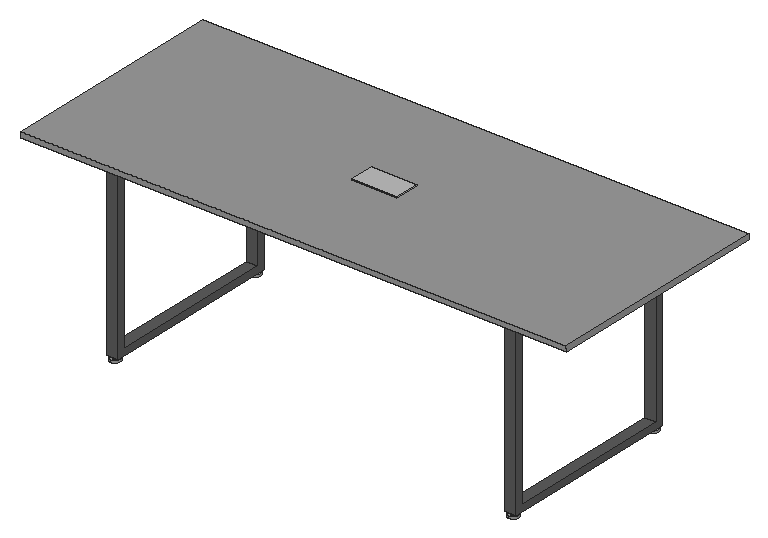
Revit family "Haworth_Tibas_Desk_MeetingTable_EU_PRELIMINARY1", category Furniture, Revit 2019
Family settings
  OmniClass Number = 23.40.70.14.64.11
  OmniClass Title = Office Furniture
  Work Plane-Based = No
  Always vertical = Yes
  Cut with Voids When Loaded = No
  Shared = No
  Room Calculation Point = No
Parameters (values of type "240 x 100")
  Worksurface Size = "140 x 140, 220 x 110, 240 x 100, 120dia "  # constant formula
  Warranty = "http://www.haworth.com/resources/product-info/warranties"
  U-Leg Frame [instance] = no
  Type Comments = ""
  URL = "https://www.haworth.com/eu/en.html"
  Trim Finish = Haworth _ Polymer _ Undecided
  Top Finish [instance] = Haworth _ Laminate _ Undecided _ Tables
  Size = "Verify Final Dim.w/ Haworth"  # constant formula
  Round Table = no
  Revision Number = "1"  # constant formula
  Rectangular Table OL = not(or(Rectangular Table EL, Rectangular Table Large, Boat Shape, Round Table))  # no
  Rectangular Table Large = yes
  Rectangular Table EL = no
  Rectangle = and(or(Rectangular Table Large, Rectangular Table EL, Rectangular Table OL))  # yes
  Product URL = "https://www.haworth.com/eu/en/products/office-desks/tibas.html"
  O-Leg Frame [instance] = yes
  Model = "TIMPXXXXXL"  # constant formula
  Manufacturer = "Haworth"  # constant formula
  Leg Width = if(Boat Shape, 30 cm, if(Round Table, 20 cm, if(Rectangular Table OL, 6 cm, if(Rectangular Table EL, 25 cm, 35 cm))))  # 35 cm
  Leg Height = Actual Height - 3.5 cm  # 80.0025 cm
  Leg Depth = if(Boat Shape, 80 cm, if(Round Table, 70 cm, if(Rectangular Table OL, 130 cm, if(Rectangular Table EL, 100 cm, 80 cm))))  # 80 cm
  Flip Top Finish = Haworth _ Paint _ Metallic Silver
  Flip Top Cable Outlet [instance] = yes
  Description = "Haworth - Tibas - Desk - Meeting Table"  # constant formula
  Boat Shape = no
  Beam Width = if(Boat Shape, Actual Width - Leg Width - 20 cm, if(Round Table, Actual Width - Leg Width - 10 cm, if(Rectangular Table OL, Actual Width - Leg Width, if(Rectangular Table EL, Actual Width - Leg Width - 10 cm, Actual Width - Leg Width - 30 cm))))  # 175 cm
  Base Finish [instance] = Haworth _ Paint _ Black
  Author = "Haworth (Abd Rahman)"  # constant formula
  Assembly Code = "E2020200"
  Actual Width = if(Boat Shape, 220 cm, if(Round Table, 120 cm, if(Rectangular Table OL, 140 cm, if(Rectangular Table EL, 140 cm, 240 cm))))  # 240 cm
  Actual Height = 83.5025 cm
  Actual Depth = if(Boat Shape, 110 cm, if(Round Table, 120 cm, if(Rectangular Table OL, 140 cm, if(Rectangular Table EL, 140 cm, 100 cm))))  # 100 cm
  A-Leg Frame [instance] = no
Reference planes (cm)
  plane 1 "Center F/B": y = 19.4526
  plane 2: z = 0
  plane 3 "Center L/R": x = 11.43
  plane 4 "Top": z = 83.5025
  plane 5 "Left": x = -108.57
  plane 6 "Right": x = 131.43
  plane 7 "Back": y = 69.4526
  plane 8 "Front": y = -30.5474
  plane 9: y = 44.4526
  plane 10: y = -5.5474
  plane 11: z = 81.0025
  plane 12: z = 80.0025
  plane 13: x = 96.43
  plane 14: x = -73.57
Dimensions and locks (cm)
  "Actual Height": plane 4 "Top" to level
  equal spacing: plane 7 "Back", plane 1 "Center F/B", plane 8 "Front"
  "Actual Depth": plane 7 "Back" to plane 8 "Front"
  equal spacing: plane 5 "Left", plane 3 "Center L/R", plane 6 "Right"
  "Actual Width": plane 5 "Left" to plane 6 "Right"
  plane 4 "Top" to plane 11 to plane 12 = 2.5 cm locked, 1 cm locked
  "Leg Width": plane 13 to plane 6 "Right"
  "Leg Width": plane 5 "Left" to plane 14
  equal spacing: plane 7 "Back", plane 9, plane 1 "Center F/B"
  equal spacing: plane 8 "Front", plane 10, plane 1 "Center F/B"
  aligned and locked: plane 1 "Center F/B" to nested 1
  aligned and locked: plane 1 "Center F/B" to nested 2
  aligned and locked: plane 1 "Center F/B" to nested 3
  aligned and locked: nested 1 to plane 14
  aligned and locked: nested 2 to plane 14
  aligned and locked: nested 3 to plane 14
  aligned and locked: nested 7 to plane 3 "Center L/R"
  aligned and locked: nested 7 to plane 9
  aligned and locked: plane 2 to nested 3
  aligned and locked: plane 2 to nested 2
  aligned and locked: plane 2 to nested 1
  aligned and locked: nested 7 to plane 11
  aligned and locked: nested 8 to plane 3 "Center L/R"
  aligned and locked: plane 10 to nested 8
  aligned and locked: nested 8 to plane 11
  aligned and locked: plane 1 "Center F/B" to nested 11
  aligned and locked: plane 1 "Center F/B" to nested 9
  aligned and locked: plane 1 "Center F/B" to nested 10
  aligned and locked: plane 13 to nested 11
  aligned and locked: plane 13 to nested 9
  aligned and locked: plane 13 to nested 10
  aligned and locked: plane 3 "Center L/R" to nested 4
  aligned and locked: plane 1 "Center F/B" to nested 4
  aligned and locked: plane 3 "Center L/R" to nested 5
  aligned and locked: plane 1 "Center F/B" to nested 5
  aligned and locked: plane 3 "Center L/R" to nested 6
  aligned and locked: plane 1 "Center F/B" to nested 6
  aligned and locked: nested 5 to plane 4 "Top"
  aligned and locked: nested 6 to plane 4 "Top"
  aligned and locked: nested 4 to plane 4 "Top"
  aligned and locked: plane 3 "Center L/R" to nested 12
  aligned and locked: plane 1 "Center F/B" to nested 12
  aligned and locked: nested 12 to plane 4 "Top"
Nested families (cm)
  nested 1: "Haworth_Tibas_Base_Ashape-Leg_PART" at (-60.3841, 48.6626, 0), Leg Finish <- "Base Finish", visible <- "A-Leg Frame", type "A Shaped - Leg Frame - PART"
    with Leg Finish Haworth _ Paint _ Black, Actual Height 80.0025 cm, Actual Depth 80 cm
  nested 2: "Haworth_Tibas_Base_O-Leg_PART" at (-60.3841, 48.6626, 0), Leg Finish <- "Base Finish", visible <- "O-Leg Frame", type "O-Leg Frame - Round Table PART"
    with Leg Finish Haworth _ Paint _ Black, Actual Height 80.0025 cm, Actual Depth 80 cm
  nested 3: "Haworth_Tibas_Base_U-Leg_PART" at (-60.3841, 48.6626, 0), Leg Finish <- "Base Finish", visible <- "U-Leg Frame", type "U-Leg Frame - PART"
    with Leg Finish Haworth _ Paint _ Black, Actual Height 80.0025 cm, Actual Depth 80 cm
  nested 4: "Haworth_Tibas_Top_Boatshape-PART" at (27.1159, 48.6626, 36.5025), Top Finish <- "Top Finish", visible <- "Boat Shape", type "Boat Shaped Top"
    with Top Finish Haworth _ Laminate _ Undecided _ Tables, Flip Top Cable Outlet no
  nested 5: "Haworth_Tibas_Top_Rectangular-PART" at (27.1159, 48.6626, -2), Top Finish <- "Top Finish", visible <- "Rectangle", type "Rectangular Top"
    with Top Finish Haworth _ Laminate _ Undecided _ Tables, Void Depth 115 cm, U-Shape Cable Outlet no, Round Cable Outlet no, Flip Top Cable Outlet no, Epure Cable Outlet no, Actual Width 240 cm, Actual Depth 100 cm
  nested 6: "Haworth_Tibas_Top_Round-PART" at (27.1159, 48.6626, 36.5025), Top Finish <- "Top Finish", visible <- "Round Table", type "Round Top"
    with Top Finish Haworth _ Laminate _ Undecided _ Tables, Actual Width 120 cm, Actual Diameter 60 cm, Actual Depth 120 cm
  nested 7: "Haworth_Tibas_Understructure_Beam-Leg_PART" at (112.1159, 73.6626, 11.3025), Leg Finish <- "Base Finish", type "Beam - Understructure - PART"
    with Leg Finish Haworth _ Paint _ Black, Actual Width 175 cm
  nested 8: "Haworth_Tibas_Understructure_Beam-Leg_PART" at (112.1159, 23.6626, 11.3025), Leg Finish <- "Base Finish", type "Beam - Understructure - PART"
    with Leg Finish Haworth _ Paint _ Black, Actual Width 175 cm
  nested 9: "Haworth_Tibas_Base_Ashape-Leg_PART" at (114.6159, 48.6626, 0), Leg Finish <- "Base Finish", visible <- "A-Leg Frame", type "A Shaped - Leg Frame - PART"
    with Leg Finish Haworth _ Paint _ Black, Actual Height 80.0025 cm, Actual Depth 80 cm
  nested 10: "Haworth_Tibas_Base_O-Leg_PART" at (114.6159, 48.6626, 0), Leg Finish <- "Base Finish", visible <- "O-Leg Frame", type "O-Leg Frame - Round Table PART"
    with Leg Finish Haworth _ Paint _ Black, Actual Height 80.0025 cm, Actual Depth 80 cm
  nested 11: "Haworth_Tibas_Base_U-Leg_PART" at (114.6159, 48.6626, 0), Leg Finish <- "Base Finish", visible <- "U-Leg Frame", type "U-Leg Frame - PART"
    with Leg Finish Haworth _ Paint _ Black, Actual Height 80.0025 cm, Actual Depth 80 cm
  nested 12: "Haworth-Flip Top" at (9.9813, 19.3193, 3.5025), visible <- "Flip Top Cable Outlet", type "Flip Top - Visio"
Definition of nested family "Haworth_Tibas_Base_Ashape-Leg_PART"
  Parameters (values of type "A Shaped - Leg Frame - PART L")
    Warranty = "http://www.haworth.com/resources/product-info/warranties"
    URL - Product = "https://www.haworth.com/eu/products/tables/desks/tibas"
    URL = "https://www.haworth.com/ap/en.html"
    Size = "Verify Final Dim. w/ Haworth"  # constant formula
    Revision Number = "1"  # constant formula
    Model = "Haworth - Tibas"  # constant formula
    Manufacturer = "Haworth"  # constant formula
    Leg Finish [instance] = none
    Glide Finish = none
    Description = "Haworth - Tibas - PART"  # constant formula
    Author = "Haworth (Abd Rahman)"  # constant formula
    Assembly Code = "E2020200"
    Actual Width = 5 cm  # constant formula
    Actual Height = 70.5 cm
    Actual Depth = 60 cm
  Types (2): name
    A Shaped - Leg Frame - PART L
    A Shaped - Leg Frame - PART R
  Reference planes (cm)
    plane 1: z = 0
    plane 2 "Center L/R": x = -15.6859
    plane 3 "Center F/B": y = -29.21
    plane 4 "Top": z = 70.5
    plane 5: z = 1.5979
    plane 6: z = 67.5
    plane 7: x = -18.1859
    plane 8: x = -13.1859
    plane 9: y = 0.79
    plane 10: y = -59.21
    plane 11: y = -0.71
    plane 12: y = 1.5061
    plane 13: y = -57.71
    plane 14: y = -59.9261
    plane 15: z = 4.5979
    plane 16: y = -12.21
    plane 17: y = -56.21
    plane 18: y = -43.5253
    plane 19: y = -45.9259
    plane 20: y = -45.9259
    plane 21: y = -1.9288
    plane 22: y = -14.6134
    plane 23: y = -12.2129
  Forms (cm)
    Extrusion 1, solid, material <- "Leg Finish"
      sketch origin (-15.6859, 0, 0) x (0, 1, 0) y (0, 0, 1)
        loop
          line (-45.9259, 70.5) -> (-45.9259, 67.5) -> (-12.21, 67.5) -> (-12.21, 70.5) -> (-45.9259, 70.5)
      from -2.5 to 2.5
    Revolve 2, solid
      sketch origin (-15.6859, 1.79, 0) x (0, 1, 0) y (0, 0, 1)
        loop
          line (-2.5, 1.5979) -> (-2.5, 0) -> (-0.2839, 0) -> (-0.2839, 0.6) -> (-1.5146, 0.6) -> (-2, 1.0854) -> (-2, 1.5979) -> (-2.5, 1.5979)
        axis (-2.5, 1.5979) -> (-2.5, 0)
      angle from 0 to 360
    Revolve 3, solid
      sketch origin (-15.6859, -60.21, 0) x (0, -1, 0) y (0, 0, 1)
        loop
          line (-2.5, 1.5979) -> (-2.5, 0) -> (-0.2839, 0) -> (-0.2839, 0.6) -> (-1.5146, 0.6) -> (-2, 1.0854) -> (-2, 1.5979) -> (-2.5, 1.5979)
        axis (-2.5, 1.5979) -> (-2.5, 0)
      angle from 0 to 360
    Blend 4, solid, material <- "Leg Finish"
      base sketch origin (0, 0, 0) x (1, 0, 0) y (0, 1, 0)
        loop
          line (-18.1859, -56.21) -> (-18.1859, -59.21) -> (-13.1859, -59.21) -> (-13.1859, -56.21) -> (-18.1859, -56.21)
      top sketch origin (0, 0, 0) x (1, 0, 0) y (0, 1, 0)
        loop
          line (-18.1859, -43.5253) -> (-18.1859, -45.9259) -> (-13.1859, -45.9259) -> (-13.1859, -43.5253) -> (-18.1859, -43.5253)
      from 1.5979 to 70.5
    Blend 5, solid, material <- "Leg Finish"
      base sketch origin (0, -58.1388, 0) x (1, 0, 0) y (0, 1, 0)
        loop
          line (-18.1859, 56.21) -> (-13.1859, 56.21) -> (-13.1859, 59.21) -> (-18.1859, 59.21) -> (-18.1859, 56.21)
      top sketch origin (0, -58.1388, 0) x (1, 0, 0) y (0, 1, 0)
        loop
          line (-18.1859, 43.5253) -> (-13.1859, 43.5253) -> (-13.1859, 45.9259) -> (-18.1859, 45.9259) -> (-18.1859, 43.5253)
      from 1.5979 to 70.5
  Lines and regions (cm)
    Masking region 1
      outline origin (0, 0, 0) x (1, 0, 0) y (0, 1, 0)
        loop
          line (-18.1859, 0.79) -> (-18.1859, -59.21) -> (-13.1859, -59.21) -> (-13.1859, 0.79) -> (-18.1859, 0.79)
    Masking region 2
      outline origin (0, 0, 0) x (1, 0, 0) y (0, 1, 0)
        loop
          line (-18.1859, 0.79) -> (-18.1859, -59.21) -> (-13.1859, -59.21) -> (-13.1859, 0.79) -> (-18.1859, 0.79)
  Dimensions and locks (cm)
    "Actual Height": plane 4 "Top" to plane 1
    equal spacing: plane 9, plane 3 "Center F/B", plane 10
    "Actual Depth": plane 9 to plane 10
    equal spacing: plane 7, plane 2 "Center L/R", plane 8
    "Actual Width": plane 7 to plane 8
    "Actual Height": plane 4 "Top" to level
    locked: plane 6 to plane 4 "Top" at 3
    locked: plane 5 to level at 1.5979
    plane 11 to plane 9 to plane 12 = 1.5 cm locked, 0.7161 cm locked
    plane 14 to plane 10 to plane 13 = 0.7161 cm locked, 1.5 cm locked
    locked: plane 15 to plane 5 at 3
    locked: plane 16 to plane 9 at 13
    locked: plane 17 to plane 10 at 3
    locked: plane 10 to plane 20 at 13.2841
    plane 21 to plane 9 = 2.7187 cm
    plane 22 to plane 23 to plane 9 = 2.4006 cm locked, 13.0029 cm locked
    plane 18 to plane 19 to plane 10 = 2.4006 cm locked, 13.2841 cm locked
    aligned and locked: Extrusion 1 sketch curve to plane 4 "Top"
    aligned and locked: Extrusion 1 sketch curve to plane 6
    aligned and locked: plane 8 to Masking region 1 sketch curve
    aligned and locked: Masking region 1 sketch curve to plane 9
    aligned and locked: Masking region 1 sketch curve to plane 7
    aligned and locked: Masking region 1 sketch curve to plane 10
    aligned and locked: Revolve 2 sketch curve to plane 11  (x2)
    aligned and locked: plane 12 to Revolve 2 sketch curve
    aligned and locked: plane 13 to Revolve 3 sketch curve  (x2)
    aligned and locked: Revolve 3 sketch curve to plane 14
    aligned and locked: Revolve 3 sketch curve to plane 5
    aligned and locked: Revolve 3 sketch curve to plane 1
    aligned and locked: plane 5 to Revolve 2 sketch curve
    aligned and locked: plane 1 to Revolve 2 sketch curve
    aligned and locked: Blend 4 sketch curve to plane 10
    aligned and locked: Blend 4 sketch curve to plane 17
    aligned and locked: plane 8 to Blend 4 sketch curve  (x2)
    aligned and locked: Blend 4 sketch curve to plane 7  (x2)
    aligned and locked: plane 4 "Top" to Blend 4
    aligned and locked: Blend 4 to plane 5
    aligned and locked: Blend 5 sketch curve to plane 21
    aligned and locked: Blend 5 sketch curve to plane 22
    aligned and locked: Blend 5 sketch curve to plane 23
    aligned and locked: Blend 4 sketch curve to plane 18
    aligned and locked: plane 19 to Blend 4 sketch curve
    aligned and locked: plane 8 to Masking region 2 sketch curve
    aligned and locked: Masking region 2 sketch curve to plane 9
    aligned and locked: Masking region 2 sketch curve to plane 7
    aligned and locked: Masking region 2 sketch curve to plane 10
    aligned and locked: plane 4 "Top" to Blend 5
  Automatic sketch dimensions
    Extrusion 1 sketch curve to plane 20 = 0 cm
    Extrusion 1 sketch curve to plane 16 = 0 cm
    Revolve 2 sketch curve to level = 0 cm
    Revolve 2 sketch curve to plane 5 = 0 cm
    Revolve 2 sketch curve to Revolve 2 sketch curve = 0.5 cm
    Revolve 2 sketch curve to plane 9 = 0.5146 cm
    Revolve 2 sketch curve to Revolve 2 sketch curve = 0.6 cm
    Revolve 2 sketch curve to Revolve 2 sketch curve = 0.5126 cm
    Revolve 3 sketch curve to level = 0 cm
    Revolve 3 sketch curve to plane 5 = 0 cm
    Revolve 3 sketch curve to Revolve 3 sketch curve = 0.5 cm
    plane 10 to Revolve 3 sketch curve = 0.5146 cm
    Revolve 3 sketch curve to Revolve 3 sketch curve = 0.6 cm
    plane 5 to Revolve 3 sketch curve = 0.5126 cm
    Blend 5 sketch curve to plane 7 = 0 cm  (x2)
    Blend 5 sketch curve to plane 8 = 0 cm  (x2)
    Blend 5 sketch curve to plane 9 = 0.2812 cm
Definition of nested family "Haworth_Tibas_Base_O-Leg_PART"
  Parameters (values of type "O-Leg Frame - PART")
    Warranty = "http://www.haworth.com/resources/product-info/warranties"
    URL - Product = "https://www.haworth.com/eu/products/tables/desks/tibas"
    URL = "https://www.haworth.com/ap/en.html"
    Size = "Verify Final Dim. w/ Haworth"  # constant formula
    Revision Number = "1"  # constant formula
    Model = "Haworth - Tibas"  # constant formula
    Manufacturer = "Haworth"  # constant formula
    Leg Finish [instance] = none
    Glide Finish = none
    Description = "Haworth - Tibas - PART"  # constant formula
    Author = "Haworth (Abd Rahman)"  # constant formula
    Assembly Code = "E2020200"
    Actual Width = 5 cm  # constant formula
    Actual Height = 45 cm
    Actual Depth = 70 cm
  Reference planes (cm)
    plane 1: z = 0
    plane 2 "Center L/R": x = -15.6859
    plane 3 "Center F/B": y = -29.21
    plane 4 "Top": z = 45
    plane 5: z = 1.5979
    plane 6: z = 42
    plane 7: x = -18.1859
    plane 8: x = -13.1859
    plane 9: y = 5.79
    plane 10: y = -64.21
    plane 11: y = 2.79
    plane 12: y = -61.21
    plane 13: y = 4.29
    plane 14: y = 6.5061
    plane 15: y = -62.71
    plane 16: y = -64.9261
    plane 17: z = 4.5979
  Forms (cm)
    Extrusion 1, solid, material <- "Leg Finish"
      sketch origin (0, -29.21, 0) x (1, 0, 0) y (0, 0, 1)
        loop
          line (-18.1859, 45) -> (-18.1859, 1.5979) -> (-13.1859, 1.5979) -> (-13.1859, 45) -> (-18.1859, 45)
      from -35 to -32
    Extrusion 2, solid, material <- "Leg Finish"
      sketch origin (0, -29.21, 0) x (1, 0, 0) y (0, 0, -1)
        loop
          line (-18.1859, -45) -> (-13.1859, -45) -> (-13.1859, -1.5979) -> (-18.1859, -1.5979) -> (-18.1859, -45)
      from -35 to -32
    Extrusion 3, solid, material <- "Leg Finish"
      sketch origin (-15.6859, 0, 0) x (0, 1, 0) y (0, 0, 1)
        loop
          line (-61.21, 45) -> (-61.21, 42) -> (2.79, 42) -> (2.79, 45) -> (-61.21, 45)
      from -2.5 to 2.5
    Revolve 4, solid, material <- "Glide Finish"
      sketch origin (-15.6859, 1.79, 0) x (0, 1, 0) y (0, 0, 1)
        loop
          line (2.5, 1.5979) -> (2.5, 0) -> (4.7161, 0) -> (4.7161, 0.6) -> (3.4854, 0.6) -> (3, 1.0854) -> (3, 1.5979) -> (2.5, 1.5979)
        axis (2.5, 1.5979) -> (2.5, 0)
      angle from 0 to 360
    Revolve 5, solid, material <- "Glide Finish"
      sketch origin (-15.6859, -60.21, 0) x (0, -1, 0) y (0, 0, 1)
        loop
          line (2.5, 1.5979) -> (2.5, 0) -> (4.7161, 0) -> (4.7161, 0.6) -> (3.4854, 0.6) -> (3, 1.0854) -> (3, 1.5979) -> (2.5, 1.5979)
        axis (2.5, 1.5979) -> (2.5, 0)
      angle from 0 to 360
    Extrusion 6, solid, material <- "Leg Finish"
      sketch origin (-15.6859, 0, 0) x (0, 1, 0) y (0, 0, 1)
        loop
          line (-61.21, 4.5979) -> (-61.21, 1.5979) -> (2.79, 1.5979) -> (2.79, 4.5979) -> (-61.21, 4.5979)
      from -2.5 to 2.5
  Cuts and joins
    joined: Extrusion 1, Extrusion 2, Extrusion 3, Extrusion 6
  Lines and regions (cm)
    Masking region 1
      outline origin (0, 0, 0) x (1, 0, 0) y (0, 1, 0)
        loop
          line (-18.1859, 5.79) -> (-18.1859, -64.21) -> (-13.1859, -64.21) -> (-13.1859, 5.79) -> (-18.1859, 5.79)
  Dimensions and locks (cm)
    "Actual Height": plane 4 "Top" to plane 1
    equal spacing: plane 9, plane 3 "Center F/B", plane 10
    "Actual Depth": plane 9 to plane 10
    equal spacing: plane 7, plane 2 "Center L/R", plane 8
    "Actual Width": plane 7 to plane 8
    locked: plane 9 to plane 11 at 3
    locked: plane 10 to plane 12 at 3
    "Actual Height": plane 4 "Top" to level
    locked: plane 6 to plane 4 "Top" at 3
    locked: plane 5 to level at 1.5979
    plane 13 to plane 9 to plane 14 = 1.5 cm locked, 0.7161 cm locked
    plane 16 to plane 10 to plane 15 = 0.7161 cm locked, 1.5 cm locked
    locked: plane 17 to plane 5 at 3
    aligned and locked: Extrusion 1 sketch curve to plane 7
    aligned and locked: plane 8 to Extrusion 1 sketch curve
    aligned and locked: plane 5 to Extrusion 1 sketch curve
    aligned and locked: Extrusion 1 sketch curve to plane 4 "Top"
    aligned and locked: plane 9 to Extrusion 1
    aligned and locked: Extrusion 1 to plane 11
    aligned and locked: plane 7 to Extrusion 2
    aligned and locked: Extrusion 2 to plane 8
    aligned and locked: Extrusion 2 to plane 12
    aligned and locked: plane 10 to Extrusion 2
    aligned and locked: plane 4 "Top" to Extrusion 2
    aligned and locked: Extrusion 2 to plane 5
    aligned and locked: Extrusion 3 sketch curve to plane 11
    aligned and locked: Extrusion 3 sketch curve to plane 4 "Top"
    aligned and locked: Extrusion 3 sketch curve to plane 12
    aligned and locked: Extrusion 3 sketch curve to plane 6
    aligned and locked: plane 7 to Extrusion 3
    aligned and locked: Extrusion 3 to plane 8
    aligned and locked: plane 8 to Masking region 1 sketch curve
    aligned and locked: Masking region 1 sketch curve to plane 9
    aligned and locked: Masking region 1 sketch curve to plane 7
    aligned and locked: Masking region 1 sketch curve to plane 10
    aligned and locked: Revolve 4 sketch curve to plane 13  (x2)
    aligned and locked: plane 14 to Revolve 4 sketch curve
    aligned and locked: plane 15 to Revolve 5 sketch curve  (x2)
    aligned and locked: Revolve 5 sketch curve to plane 16
    aligned and locked: Revolve 5 sketch curve to plane 5
    aligned and locked: plane 1 to Revolve 5 sketch curve
    aligned and locked: plane 5 to Revolve 4 sketch curve
    aligned and locked: plane 1 to Revolve 4 sketch curve
    aligned and locked: Extrusion 6 sketch curve to plane 17
    aligned and locked: plane 5 to Extrusion 6 sketch curve
    aligned and locked: Extrusion 6 sketch curve to plane 12
    aligned and locked: Extrusion 6 sketch curve to plane 11
    aligned and locked: Extrusion 6 to plane 8
    aligned and locked: plane 7 to Extrusion 6
  Automatic sketch dimensions
    Extrusion 2 sketch curve to plane 5 = 0 cm
    plane 7 to Extrusion 2 sketch curve = 0 cm
    plane 8 to Extrusion 2 sketch curve = 0 cm
    Extrusion 2 sketch curve to plane 4 "Top" = 0 cm
    level to Revolve 4 sketch curve = 0 cm
    plane 5 to Revolve 4 sketch curve = 0 cm
    plane 13 to Revolve 4 sketch curve = 0.5 cm
    Revolve 4 sketch curve to plane 9 = 0.5146 cm
    Revolve 4 sketch curve to Revolve 4 sketch curve = 0.6 cm
    Revolve 4 sketch curve to plane 5 = 0.5126 cm
    Revolve 5 sketch curve to level = 0 cm
    Revolve 5 sketch curve to plane 5 = 0 cm
    Revolve 5 sketch curve to plane 15 = 0.5 cm
    plane 10 to Revolve 5 sketch curve = 0.5146 cm
    Revolve 5 sketch curve to Revolve 5 sketch curve = 0.6 cm
    plane 5 to Revolve 5 sketch curve = 0.5126 cm
Definition of nested family "Haworth_Tibas_Base_U-Leg_PART"
  Parameters (values of type "U-Leg Frame - PART")
    Warranty = "http://www.haworth.com/resources/product-info/warranties"
    URL - Product = "https://www.haworth.com/eu/products/tables/desks/tibas"
    URL = "https://www.haworth.com/ap/en.html"
    Size = "Verify Final Dim. w/ Haworth"  # constant formula
    Revision Number = "1"  # constant formula
    Model = "Haworth - Tibas"  # constant formula
    Manufacturer = "Haworth"  # constant formula
    Leg Finish [instance] = none
    Glide Finish = none
    Description = "Haworth - Tibas - Complete Frame - PART"  # constant formula
    Author = "Haworth (Abd Rahman)"  # constant formula
    Assembly Code = "E2020200"
    Actual Width = 5 cm  # constant formula
    Actual Height = 45 cm
    Actual Depth = 40 cm
  Reference planes (cm)
    plane 1: z = 0
    plane 2 "Center L/R": x = -15.6859
    plane 3 "Center F/B": y = -29.21
    plane 4 "Top": z = 45
    plane 5: z = 1.5979
    plane 6: z = 42
    plane 7: x = -18.1859
    plane 8: x = -13.1859
    plane 9: y = -9.21
    plane 10: y = -49.21
    plane 11: y = -12.21
    plane 12: y = -46.21
    plane 13: y = -10.71
    plane 14: y = -8.4939
    plane 15: y = -47.71
    plane 16: y = -49.9261
  Forms (cm)
    Extrusion 1, solid, material <- "Leg Finish"
      sketch origin (0, -29.21, 0) x (1, 0, 0) y (0, 0, 1)
        loop
          line (-18.1859, 45) -> (-18.1859, 1.5979) -> (-13.1859, 1.5979) -> (-13.1859, 45) -> (-18.1859, 45)
      from -20 to -17
    Extrusion 2, solid, material <- "Leg Finish"
      sketch origin (0, -29.21, 0) x (1, 0, 0) y (0, 0, -1)
        loop
          line (-18.1859, -45) -> (-13.1859, -45) -> (-13.1859, -1.5979) -> (-18.1859, -1.5979) -> (-18.1859, -45)
      from -20 to -17
    Extrusion 3, solid, material <- "Leg Finish"
      sketch origin (-15.6859, 0, 0) x (0, 1, 0) y (0, 0, 1)
        loop
          line (-46.21, 45) -> (-46.21, 42) -> (-12.21, 42) -> (-12.21, 45) -> (-46.21, 45)
      from -2.5 to 2.5
    Revolve 4, solid, material <- "Glide Finish"
      sketch origin (-15.6859, 1.79, 0) x (0, 1, 0) y (0, 0, 1)
        loop
          line (-12.5, 1.5979) -> (-12.5, 0) -> (-10.2839, 0) -> (-10.2839, 0.6) -> (-11.5146, 0.6) -> (-12, 1.0854) -> (-12, 1.5979) -> (-12.5, 1.5979)
        axis (-12.5, 1.5979) -> (-12.5, 0)
      angle from 0 to 360
    Revolve 5, solid, material <- "Glide Finish"
      sketch origin (-15.6859, -60.21, 0) x (0, -1, 0) y (0, 0, 1)
        loop
          line (-12.5, 1.5979) -> (-12.5, 0) -> (-10.2839, 0) -> (-10.2839, 0.6) -> (-11.5146, 0.6) -> (-12, 1.0854) -> (-12, 1.5979) -> (-12.5, 1.5979)
        axis (-12.5, 1.5979) -> (-12.5, 0)
      angle from 0 to 360
  Cuts and joins
    joined: Extrusion 1, Extrusion 2, Extrusion 3
  Lines and regions (cm)
    Masking region 1
      outline origin (0, 0, 0) x (1, 0, 0) y (0, 1, 0)
        loop
          line (-18.1859, -9.21) -> (-18.1859, -49.21) -> (-13.1859, -49.21) -> (-13.1859, -9.21) -> (-18.1859, -9.21)
  Dimensions and locks (cm)
    "Actual Height": plane 4 "Top" to plane 1
    equal spacing: plane 9, plane 3 "Center F/B", plane 10
    "Actual Depth": plane 9 to plane 10
    equal spacing: plane 7, plane 2 "Center L/R", plane 8
    "Actual Width": plane 7 to plane 8
    locked: plane 9 to plane 11 at 3
    locked: plane 10 to plane 12 at 3
    "Actual Height": plane 4 "Top" to level
    locked: plane 6 to plane 4 "Top" at 3
    locked: plane 5 to level at 1.5979
    plane 13 to plane 9 to plane 14 = 1.5 cm locked, 0.7161 cm locked
    plane 16 to plane 10 to plane 15 = 0.7161 cm locked, 1.5 cm locked
    aligned and locked: Extrusion 1 sketch curve to plane 7
    aligned and locked: plane 8 to Extrusion 1 sketch curve
    aligned and locked: plane 5 to Extrusion 1 sketch curve
    aligned and locked: Extrusion 1 sketch curve to plane 4 "Top"
    aligned and locked: plane 9 to Extrusion 1
    aligned and locked: Extrusion 1 to plane 11
    aligned and locked: plane 7 to Extrusion 2
    aligned and locked: Extrusion 2 to plane 8
    aligned and locked: Extrusion 2 to plane 12
    aligned and locked: plane 10 to Extrusion 2
    aligned and locked: plane 4 "Top" to Extrusion 2
    aligned and locked: Extrusion 2 to plane 5
    aligned and locked: Extrusion 3 sketch curve to plane 11
    aligned and locked: Extrusion 3 sketch curve to plane 4 "Top"
    aligned and locked: Extrusion 3 sketch curve to plane 12
    aligned and locked: Extrusion 3 sketch curve to plane 6
    aligned and locked: plane 7 to Extrusion 3
    aligned and locked: Extrusion 3 to plane 8
    aligned and locked: plane 8 to Masking region 1 sketch curve
    aligned and locked: Masking region 1 sketch curve to plane 9
    aligned and locked: Masking region 1 sketch curve to plane 7
    aligned and locked: Masking region 1 sketch curve to plane 10
    aligned and locked: Revolve 4 sketch curve to plane 13  (x2)
    aligned and locked: plane 14 to Revolve 4 sketch curve
    aligned and locked: plane 15 to Revolve 5 sketch curve  (x2)
    aligned and locked: Revolve 5 sketch curve to plane 16
    aligned and locked: Revolve 5 sketch curve to plane 5
    aligned and locked: Revolve 5 sketch curve to plane 1
    aligned and locked: plane 5 to Revolve 4 sketch curve
    aligned and locked: plane 1 to Revolve 4 sketch curve
  Automatic sketch dimensions
    Extrusion 2 sketch curve to plane 5 = 0 cm
    plane 7 to Extrusion 2 sketch curve = 0 cm
    plane 8 to Extrusion 2 sketch curve = 0 cm
    Extrusion 2 sketch curve to plane 4 "Top" = 0 cm
    level to Revolve 4 sketch curve = 0 cm
    plane 5 to Revolve 4 sketch curve = 0 cm
    plane 13 to Revolve 4 sketch curve = 0.5 cm
    Revolve 4 sketch curve to plane 9 = 0.5146 cm
    Revolve 4 sketch curve to Revolve 4 sketch curve = 0.6 cm
    Revolve 4 sketch curve to plane 5 = 0.5126 cm
    Revolve 5 sketch curve to level = 0 cm
    Revolve 5 sketch curve to plane 5 = 0 cm
    Revolve 5 sketch curve to plane 15 = 0.5 cm
    plane 10 to Revolve 5 sketch curve = 0.5146 cm
    Revolve 5 sketch curve to Revolve 5 sketch curve = 0.6 cm
    plane 5 to Revolve 5 sketch curve = 0.5126 cm
Definition of nested family "Haworth_Tibas_Top_Boatshape-PART"
  Parameters (values of type "Boat Shaped Top")
    Warranty = "http://www.haworth.com/resources/product-info/warranties"
    URL - Product = ""
    URL = "https://www.haworth.com/eu/en.html"
    Trim Finish = none
    Top Finish [instance] = none
    Thickness = 2.5 cm  # constant formula
    Size = "Verify Final Dim. w/ Haworth"  # constant formula
    Revision Number = "1"  # constant formula
    Model = "Haworth - Tibas"  # constant formula
    Manufacturer = "Haworth"  # constant formula
    Flip Top Cable Outlet = yes
    Description = "Haworth - Tibas"  # constant formula
    Author = "Haworth (Abd Rahman)"  # constant formula
    Assembly Code = "E2020200"
    Actual Width = 220 cm  # constant formula
    Actual Mounting Height = 45 cm
    Actual Depth = 110 cm  # constant formula
  Reference planes (cm)
    plane 1: z = -0.5
    plane 2 "Center L/R": x = -15.6859
    plane 3 "Center F/B": y = -29.21
    plane 4 "Top of top": z = 47
    plane 5 "Back": y = 25.79
    plane 6 "Front": y = -84.21
    plane 7 "Left": x = -125.6859
    plane 8 "Right": x = 94.3141
    plane 9 "Bottom of top": z = 44.5
  Forms (cm)
    Extrusion 1, solid, material <- "Top Finish"
      sketch origin (0, 0, 0) x (1, 0, 0) y (0, 1, 0)
        loop
          arc (-103.4068, 9.9581) -> (-119.571, -2.6181) -> (-125.6859, -22.1643) r 34.2968
          line (-125.6859, -22.1643) -> (-125.6859, -36.2557)
          arc (-125.6859, -36.2557) -> (-119.571, -55.8019) -> (-103.4068, -68.3781) r 34.2968
          arc (-103.4068, -68.3781) -> (-15.6859, -84.25) -> (72.035, -68.3781) r 250.3436
          arc (72.035, -68.3781) -> (88.1992, -55.8019) -> (94.3141, -36.2557) r 34.2968
          line (94.3141, -36.2557) -> (94.3141, -22.1643)
          arc (94.3141, -22.1643) -> (88.1992, -2.6181) -> (72.035, 9.9581) r 34.2968
          arc (72.035, 9.9581) -> (-15.6859, 25.83) -> (-103.4068, 9.9581) r 250.3436
      from 44.5 to 47
  Lines and regions (cm)
    Masking region 1
      outline origin (0, 0, 0) x (1, 0, 0) y (0, 1, 0)
        loop
          arc (72.035, 9.9581) -> (28.8867, 21.8199) -> (-15.6859, 25.7903) r 249.7191
          arc (-15.6859, 25.7903) -> (-60.2585, 21.8199) -> (-103.4068, 9.9581) r 249.7191
          arc (-103.4068, 9.9581) -> (-119.571, -2.6181) -> (-125.6859, -22.1643) r 34.2968
          line (-125.6859, -22.1643) -> (-125.6859, -36.2557)
          arc (-125.6859, -36.2557) -> (-119.571, -55.8019) -> (-103.4068, -68.3781) r 34.2968
          arc (-103.4068, -68.3781) -> (-60.2585, -80.2399) -> (-15.6859, -84.2103) r 249.7191
          arc (-15.6859, -84.2103) -> (28.8867, -80.2399) -> (72.035, -68.3781) r 249.7191
          arc (72.035, -68.3781) -> (88.1992, -55.8019) -> (94.3141, -36.2557) r 34.2968
          line (94.3141, -36.2557) -> (94.3141, -22.1643)
          arc (94.3141, -22.1643) -> (88.1992, -2.6181) -> (72.035, 9.9581) r 34.2968
  Dimensions and locks (cm)
    equal spacing: plane 5 "Back", plane 3 "Center F/B", plane 6 "Front"
    "Actual Depth": plane 5 "Back" to plane 6 "Front"
    equal spacing: plane 7 "Left", plane 2 "Center L/R", plane 8 "Right"
    "Actual Width": plane 7 "Left" to plane 8 "Right"
    "Thickness": plane 4 "Top of top" to plane 9 "Bottom of top"
    "Actual Mounting Height": plane 9 "Bottom of top" to plane 1
    aligned and locked: Extrusion 1 to plane 4 "Top of top"
    aligned and locked: Extrusion 1 to plane 9 "Bottom of top"
    aligned and locked: plane 2 "Center L/R" to nested 1
    aligned and locked: nested 1 to plane 4 "Top of top"
    aligned and locked: plane 3 "Center F/B" to nested 1
  Automatic sketch dimensions
    Extrusion 1 sketch curve to plane 7 "Left" = 0 cm
    Extrusion 1 sketch curve to plane 2 "Center L/R" = 0 cm  (x2)
    Extrusion 1 sketch curve to plane 8 "Right" = 0 cm
    Extrusion 1 sketch curve to plane 3 "Center F/B" = 7.0457 cm  (x2)
    Extrusion 1 sketch curve to Extrusion 1 sketch curve = 0 cm  (x5)
    plane 3 "Center F/B" to Extrusion 1 sketch curve = 7.0457 cm  (x2)
    Extrusion 1 sketch curve to Extrusion 1 sketch curve = 34.2968 cm
    Extrusion 1 sketch curve to plane 6 "Front" = 140.3036 cm
    plane 5 "Back" to Extrusion 1 sketch curve = 140.3036 cm
    Masking region 1 sketch curve to plane 7 "Left" = 0 cm
    Masking region 1 sketch curve to plane 2 "Center L/R" = 0 cm  (x2)
    Masking region 1 sketch curve to plane 8 "Right" = 0 cm
    Masking region 1 sketch curve to plane 3 "Center F/B" = 7.0457 cm  (x2)
    Masking region 1 sketch curve to Masking region 1 sketch curve = 34.2968 cm
    Masking region 1 sketch curve to Masking region 1 sketch curve = 0 cm  (x6)
    Masking region 1 sketch curve to plane 2 "Center L/R" = 0.2188 cm  (x2)
    plane 2 "Center L/R" to Masking region 1 sketch curve = 0.2188 cm  (x2)
    plane 3 "Center F/B" to Masking region 1 sketch curve = 7.0457 cm  (x2)
    plane 8 "Right" to Masking region 1 sketch curve = 34.2968 cm
    Masking region 1 sketch curve to plane 6 "Front" = 139.7187 cm
    plane 5 "Back" to Masking region 1 sketch curve = 139.7187 cm
  Nested families (cm)
    nested 1: "Haworth-Flip Top" at (-17.1347, -29.3433, -33), visible <- "Flip Top Cable Outlet", type "Flip Top - Visio"
      with Actual Width 20 cm, Actual Depth 11 cm
  Definition of nested family "Haworth-Flip Top"
    Parameters (values of type "Flip Top - Visio")
      Warranty = ""
      URL - Product = ""
      URL = ""
      Sustainability Info = ""
      Size = "Verify Final Dim. w/ Haworth"  # constant formula
      Single Sided = no
      Single Sided Wide = yes
      Revision Number = ""
      OmniClass Number = ""
      Material Options = ""
      Manufacturer = "Haworth"  # constant formula
      LEED Data = ""
      Flip Top Height = 2.5 cm
      Flip Top Finish = none
      Double Sided = no
      Double Sided Wide = no
      Author = "SHAPE Environments, LLC"  # constant formula
      Assembly Code = ""
      Actual Width = 12 cm
      Actual Height = 80 cm
      Actual Depth = 8 cm
    Types (2, lengths in cm): name | Flip Top Height | Actual Width | Actual Height | Actual Depth
      Flip Top - Visio | 2.5 | 12 | 80 | 8
      Flip Top Cable Tray | 6.985 | 28.575 | 73.66 | 11.1125
    Reference planes (cm)
      plane 1 "Center F/B": y = 0.1333
      plane 2: z = 0
      plane 3 "Center L/R": x = 1.4487
      plane 4 "Back": y = 4.1333
      plane 5 "Right": x = 7.4487
      plane 6 "Front": y = -3.8667
      plane 7 "Left": x = -4.5513
      plane 8 "Table Height": z = 80
      plane 9: z = 77.5
    Forms (cm)
      Extrusion 1, solid, material <- "Flip Top Finish"
        sketch origin (0, 0, 80) x (-1, 0, 0) y (0, -1, 0)
          loop
            line (4.5513, -4.1333) -> (4.5513, 3.8667) -> (-7.4487, 3.8667) -> (-7.4487, -4.1333) -> (4.5513, -4.1333)
        from 0 to 0.3175
      Extrusion 2, solid, material <- "Flip Top Finish"
        sketch origin (0, 0, 80) x (-1, 0, 0) y (0, -1, 0)
          loop
            line (4.2338, -3.6571) -> (4.2338, 3.3904) -> (-7.1312, 3.3904) -> (-7.1312, -3.6571) -> (4.2338, -3.6571)
        from 0 to -2.5
    Cuts and joins
      joined: Extrusion 1, Extrusion 2
    Lines and regions (cm)
      symbolic lines
        curve 1: line (-4.5513, 4.1333, 80) -> (7.4487, 4.1333, 80)
        curve 2: line (-4.5513, -3.8667, 80) -> (-4.5513, 4.1333, 80)
        curve 3: line (7.4487, -3.8667, 80) -> (-4.5513, -3.8667, 80)
        curve 4: line (7.4487, 4.1333, 80) -> (7.4487, -3.8667, 80)
    Dimensions and locks (cm)
      equal spacing: plane 7 "Left", plane 3 "Center L/R", plane 5 "Right"
      "Actual Width": plane 7 "Left" to plane 5 "Right"
      equal spacing: plane 6 "Front", plane 1 "Center F/B", plane 4 "Back"
      "Actual Depth": plane 4 "Back" to plane 6 "Front"
      plane 7 "Left" to Extrusion 2 sketch curve = 0.3175 cm
      plane 4 "Back" to Extrusion 2 sketch curve = 0.4762 cm
      Extrusion 2 sketch curve to plane 5 "Right" = 0.3175 cm
      Extrusion 2 sketch curve to plane 6 "Front" = 0.4763 cm
      "Actual Height": plane 8 "Table Height" to level
      "Flip Top Height": plane 8 "Table Height" to plane 9
      aligned and locked: plane 7 "Left" to Extrusion 1 sketch curve
      aligned and locked: Extrusion 1 sketch curve to plane 4 "Back"
      aligned and locked: plane 6 "Front" to Extrusion 1 sketch curve
      aligned and locked: Extrusion 1 sketch curve to plane 5 "Right"
      aligned and locked: plane 9 to cut or joined group of Extrusion 1, Extrusion 2
    Automatic sketch dimensions
      curve 4 to plane 5 "Right" = 0 cm
      curve 2 to plane 4 "Back" = 0 cm
      curve 2 to plane 7 "Left" = 0 cm
      curve 4 to plane 6 "Front" = 0 cm
Definition of nested family "Haworth_Tibas_Top_Rectangular-PART"
  Parameters (values of type "Rectangular Top")
    Warranty = "http://www.haworth.com/resources/product-info/warranties"
    Void Depth = if(Epure Cable Outlet, 0 cm, Actual Depth + 15 cm)  # 0 cm
    URL - Product = ""
    URL = "https://www.haworth.com/eu/en.html"
    U-Shape Cable Outlet = yes
    Trim Finish = none
    Top Finish [instance] = none
    Thickness = 2.5 cm  # constant formula
    Size = "Verify Final Dim. w/ Haworth"  # constant formula
    Round Cable Outlet = yes
    Revision Number = "1"  # constant formula
    Model = "Haworth - Tibas"  # constant formula
    Manufacturer = "Haworth"  # constant formula
    Flip Top Cable Outlet = yes
    Epure Cable Outlet = yes
    Description = "Haworth - Tibas"  # constant formula
    Author = "Haworth (Abd Rahman)"  # constant formula
    Assembly Code = "E2020200"
    Actual Width = 200 cm
    Actual Mounting Height = 83.5025 cm
    Actual Depth = 80 cm
  Reference planes (cm)
    plane 1: z = -0.5
    plane 2 "Center L/R": x = -15.6859
    plane 3 "Center F/B": y = -29.21
    plane 4 "Top of top": z = 85.5025
    plane 5 "Back": y = 10.79
    plane 6 "Front": y = -69.21
    plane 7 "Left": x = -115.6859
    plane 8 "Right": x = 84.3141
    plane 9 "Bottom of top": z = 83.0025
    plane 10: y = 2.79
    plane 11: x = -100.6859
    plane 12: x = 69.3141
    plane 13: y = 10.79
    plane 14: y = 10.79
    plane 15: y = 10.79
    plane 16: y = 10.79
  Forms (cm)
    Extrusion 1, solid, material <- "Top Finish"
      sketch origin (0, 0, 0) x (1, 0, 0) y (0, 1, 0)
        loop
          line (-115.6859, 10.79) -> (-115.6859, -69.21) -> (84.3141, -69.21) -> (84.3141, 10.79) -> (-115.6859, 10.79)
      from 83.0025 to 85.5025
    Extrusion 2, void
      sketch origin (0, 0, 0) x (1, 0, 0) y (0, 1, 0)
        loop
          circle (-100.6859, 10.79) r 4
        loop
          circle (69.3141, 10.79) r 4
      from -47.9092 to 135.8317
  Cuts and joins
    Extrusion 2 cuts Extrusion 1
  Lines and regions (cm)
    Masking region 1
      outline origin (0, 0, 0) x (1, 0, 0) y (0, 1, 0)
        loop
          line (-115.6859, 10.79) -> (-115.6859, -69.21) -> (84.3141, -69.21) -> (84.3141, 10.79) -> (-115.6859, 10.79)
  Dimensions and locks (cm)
    equal spacing: plane 5 "Back", plane 3 "Center F/B", plane 6 "Front"
    "Actual Depth": plane 5 "Back" to plane 6 "Front"
    equal spacing: plane 7 "Left", plane 2 "Center L/R", plane 8 "Right"
    "Actual Width": plane 7 "Left" to plane 8 "Right"
    "Thickness": plane 4 "Top of top" to plane 9 "Bottom of top"
    "Actual Mounting Height": plane 9 "Bottom of top" to plane 1
    locked: plane 5 "Back" to plane 10 at 8
    plane 7 "Left" to plane 11 = 15 cm
    locked: plane 8 "Right" to plane 12 at 15
    "Void Depth": plane 13 to plane 14
    "Void Depth": plane 15 to plane 16
    aligned and locked: plane 8 "Right" to Extrusion 1 sketch curve
    aligned and locked: plane 7 "Left" to Extrusion 1 sketch curve
    aligned and locked: plane 6 "Front" to Extrusion 1 sketch curve
    aligned and locked: Extrusion 1 sketch curve to plane 5 "Back"
    aligned and locked: plane 4 "Top of top" to Extrusion 1
    aligned and locked: Extrusion 1 to plane 9 "Bottom of top"
    aligned and locked: plane 8 "Right" to Masking region 1 sketch curve
    aligned and locked: Masking region 1 sketch curve to plane 5 "Back"
    aligned and locked: plane 7 "Left" to Masking region 1 sketch curve
    aligned and locked: plane 6 "Front" to Masking region 1 sketch curve
    aligned and locked: nested 1 to plane 4 "Top of top"
    aligned and locked: plane 12 to nested 1
    aligned and locked: plane 10 to nested 1
    aligned and locked: nested 2 to plane 11
    aligned and locked: nested 2 to plane 10
    aligned and locked: nested 3 to plane 11
    aligned and locked: nested 3 to plane 5 "Back"
    aligned and locked: nested 3 to plane 4 "Top of top"
    aligned and locked: plane 12 to nested 4
    aligned and locked: plane 5 "Back" to nested 4
    aligned and locked: plane 4 "Top of top" to nested 4
    aligned and locked: plane 2 "Center L/R" to nested 5
    aligned and locked: plane 10 to nested 5
    aligned and locked: nested 5 to plane 4 "Top of top"
    aligned and locked: plane 11 to Extrusion 2 sketch curve
    aligned and locked: plane 4 "Top of top" to nested 2
    aligned and locked: plane 13 to plane 5 "Back"
    aligned and locked: plane 12 to Extrusion 2 sketch curve
    aligned and locked: plane 15 to plane 5 "Back"
    aligned and locked: plane 16 to Extrusion 2 sketch curve
    aligned and locked: plane 14 to Extrusion 2 sketch curve
  Automatic sketch dimensions
    radius of Extrusion 2 sketch curve = 4 cm  (x2)
  Nested families (cm)
    nested 1: "Haworth_Grommet-PART" at (53.6282, 32, 33.2793) x (-1, 0, 0) z (0, 0, 1), visible <- "Round Cable Outlet", type "Cable Outlet"
      with Vertical no, Horizontal yes
    nested 2: "Haworth_Grommet-PART" at (-85, 32, 33.2793), visible <- "Round Cable Outlet", type "Cable Outlet"
      with Vertical no, Horizontal yes
    nested 3: "Haworth_CableOutlet_U-Shape_PART" at (-85, 37.2731, 29.7793), visible <- "U-Shape Cable Outlet", type "Cable Outlet"
    nested 4: "Haworth_CableOutlet_U-Shape_PART" at (53.6282, 37.2731, 29.7793) x (-1, 0, 0) z (0, 0, 1), visible <- "U-Shape Cable Outlet", type "Cable Outlet"
    nested 5: "Haworth-Flip Top" at (-17.1347, -2.8433, 5.5025), visible <- "Flip Top Cable Outlet", type "Flip Top - Visio"
      with Actual Width 20 cm, Actual Depth 11 cm
  Definition of nested family "Haworth_Grommet-PART"
    Parameters (values of type "Cable Outlet")
      Warranty = "http://www.haworth.com/resources/product-info/warranties"
      Vertical = yes
      URL = "www.haworth.com"
      Trim Finish = none
      Size = "Verify Final Dim. w/ Haworth"  # constant formula
      Revision Number = "1"  # constant formula
      Model = "X742"  # constant formula
      Manufacturer = "Haworth"  # constant formula
      Horizontal = no
      Description = "Haworth - Cable Outlet - 25mm"  # constant formula
      Author = "Haworth (Abd Rahman)"  # constant formula
      Assembly Code = "E2020200"
      Actual Width = 9 cm  # constant formula
      Actual Height = 0.2 cm  # constant formula
      Actual Depth = 9 cm  # constant formula
    Reference planes (cm)
      plane 1: z = 52.2232
      plane 2 "Center L/R": x = -15.6859
      plane 3 "Center F/B": y = -29.21
      plane 4 "Top": z = 52.4232
      plane 5 "Back": y = -24.71
      plane 6 "Front": y = -33.71
      plane 7 "Right": x = -11.1859
      plane 8 "Left": x = -20.1859
      plane 9: x = -15.505
    Forms (cm)
      Revolve 1, solid, material <- "Trim Finish", visible <- "Vertical"
        sketch origin (-67.9273, -29.21, 36.6305) x (0, 0, 1) y (1, 0, 0)
          loop
            line (15.6859, 52.4223) -> (11.5684, 52.4223)
            arc (11.5684, 52.4223) -> (11.398, 52.3576) -> (11.2576, 52.2414) r 0.557
            line (11.2576, 52.2414) -> (15.6859, 52.2414) -> (15.6859, 52.4223)
          axis (15.6859, 52.4223) -> (15.6859, 52.2414)
        angle from 0 to 360
      Extrusion 2, void
        sketch origin (-67.9273, 0.0749, 36.6305) x (0, 0, -1) y (0, 1, 0)
          loop
            line (-17.5569, -26.0506) -> (-17.3333, -28.1782)
            arc (-17.3333, -28.1782) -> (-17.1796, -28.323) -> (-16.9822, -28.2479) r 0.1989
            arc (-16.9822, -28.2479) -> (-16.9186, -28.1652) -> (-16.8471, -28.0891) r 1.0616
            arc (-16.8471, -28.0891) -> (-16.3186, -27.7135) -> (-15.6859, -27.5721) r 1.6402
            arc (-15.6859, -27.5721) -> (-15.1781, -27.6415) -> (-14.7164, -27.8643) r 1.6402
            arc (-14.7164, -27.8643) -> (-14.5025, -27.8909) -> (-14.3853, -27.7099) r 0.203
            line (-14.3853, -27.7099) -> (-14.1679, -25.8137)
            arc (-14.1679, -25.8137) -> (-15.8906, -25.5293) -> (-17.5569, -26.0506) r 3.7744
        from 0 to 71.12
      Revolve 3, solid, material <- "Trim Finish", visible <- "Horizontal"
        sketch origin (-0.0331, -29.3081, 0.0151) x (-1, 0, 0) y (0, 0, 1)
          loop
            line (15.6859, 52.408) -> (11.5287, 52.408)
            arc (11.5287, 52.408) -> (11.3569, 52.3343) -> (11.219, 52.208) r 0.5592
            line (11.219, 52.208) -> (15.6859, 52.208) -> (15.6859, 52.408)
          axis (15.6859, 52.408) -> (15.6859, 52.208)
        angle from 0 to 360
      Extrusion 4, void
        sketch origin (-0.0331, -0.0232, 0.0151) x (1, 0, 0) y (0, 1, 0)
          loop
            line (-17.5569, -26.0506) -> (-17.3333, -28.1782)
            arc (-17.3333, -28.1782) -> (-17.1796, -28.323) -> (-16.9822, -28.2479) r 0.1989
            arc (-16.9822, -28.2479) -> (-16.9186, -28.1652) -> (-16.8471, -28.0891) r 1.0616
            arc (-16.8471, -28.0891) -> (-16.3186, -27.7135) -> (-15.6859, -27.5721) r 1.6402
            arc (-15.6859, -27.5721) -> (-15.1781, -27.6415) -> (-14.7164, -27.8643) r 1.6402
            arc (-14.7164, -27.8643) -> (-14.5025, -27.8909) -> (-14.3853, -27.7099) r 0.203
            line (-14.3853, -27.7099) -> (-14.1679, -25.8137)
            arc (-14.1679, -25.8137) -> (-15.8906, -25.5293) -> (-17.5569, -26.0506) r 3.7744
        from 0 to 71.12
    Cuts and joins
      Extrusion 2 cuts Revolve 1
      Extrusion 4 cuts Revolve 3
    Lines and regions (cm)
      Masking region 1
        outline origin (0, 0, 0) x (1, 0, 0) y (0, 1, 0)
          loop
            circle (-15.6859, -29.2849) r 4.4363
          loop
            circle (-15.6859, -29.2849) r 4.0899
          loop
            line (-14.3853, -27.7099) -> (-14.1679, -25.8137)
            arc (-14.1679, -25.8137) -> (-15.8906, -25.5293) -> (-17.5569, -26.0506) r 3.7744
            line (-17.5569, -26.0506) -> (-17.3333, -28.1782)
            arc (-17.3333, -28.1782) -> (-17.1796, -28.323) -> (-16.9822, -28.2479) r 0.1989
            arc (-16.9822, -28.2479) -> (-16.9186, -28.1652) -> (-16.8471, -28.0891) r 1.0616
            arc (-16.8471, -28.0891) -> (-16.3186, -27.7135) -> (-15.6859, -27.5721) r 1.6402
            arc (-15.6859, -27.5721) -> (-15.1781, -27.6415) -> (-14.7164, -27.8643) r 1.6402
            arc (-14.7164, -27.8643) -> (-14.5025, -27.8909) -> (-14.3853, -27.7099) r 0.203
    Dimensions and locks (cm)
      equal spacing: plane 8 "Left", plane 2 "Center L/R", plane 7 "Right"
      "Actual Width": plane 8 "Left" to plane 7 "Right"
      equal spacing: plane 5 "Back", plane 3 "Center F/B", plane 6 "Front"
      "Actual Depth": plane 5 "Back" to plane 6 "Front"
      "Actual Height": plane 4 "Top" to plane 1
      aligned and locked: plane 3 "Center F/B" to cut or joined group of Revolve 1, Extrusion 2  (x2)
      aligned and locked: cut or joined group of Revolve 3, Extrusion 4 to plane 4 "Top"
      aligned and locked: cut or joined group of Revolve 3, Extrusion 4 to plane 1
      aligned and locked: cut or joined group of Revolve 1, Extrusion 2 to plane 2 "Center L/R"
      aligned and locked: plane 9 to cut or joined group of Revolve 1, Extrusion 2
    Automatic sketch dimensions
      Revolve 1 sketch curve to plane 1 = 4.335 cm
      Revolve 1 sketch curve to Revolve 1 sketch curve = 0.3107 cm
      Revolve 1 sketch curve to Revolve 1 sketch curve = 0.1099 cm
      Revolve 1 sketch curve to Revolve 1 sketch curve = 4.0077 cm
      Revolve 1 sketch curve to plane 7 "Right" = 4.8651 cm
      Revolve 1 sketch curve to Revolve 1 sketch curve = 0.3651 cm
      Revolve 1 sketch curve to Revolve 1 sketch curve = 0 cm  (x2)
      Revolve 1 sketch curve to Revolve 1 sketch curve = 0.0195 cm
      Extrusion 2 sketch curve to Extrusion 2 sketch curve = 0 cm  (x2)
      plane 1 to Extrusion 2 sketch curve = 1.9643 cm
      Extrusion 2 sketch curve to Extrusion 2 sketch curve = 0.4161 cm
      Extrusion 2 sketch curve to Extrusion 2 sketch curve = 1.0307 cm
      Extrusion 2 sketch curve to Extrusion 2 sketch curve = 0.4587 cm
      Extrusion 2 sketch curve to Extrusion 2 sketch curve = 0.0242 cm
      Extrusion 2 sketch curve to Extrusion 2 sketch curve = 1.0632 cm
      Extrusion 2 sketch curve to Extrusion 2 sketch curve = 0.203 cm
      Extrusion 2 sketch curve to Extrusion 2 sketch curve = 0.2174 cm
      Extrusion 2 sketch curve to plane 5 "Back" = 4.5096 cm
      Extrusion 2 sketch curve to Extrusion 2 sketch curve = 0.0825 cm
      Extrusion 2 sketch curve to Extrusion 2 sketch curve = 0.3588 cm
      Extrusion 2 sketch curve to Extrusion 2 sketch curve = 0.7253 cm
      Extrusion 2 sketch curve to Extrusion 2 sketch curve = 1.502 cm
      Extrusion 2 sketch curve to Extrusion 2 sketch curve = 0.0031 cm
      Extrusion 2 sketch curve to Extrusion 2 sketch curve = 2.0772 cm
      Extrusion 2 sketch curve to Extrusion 2 sketch curve = 0.1925 cm
      Extrusion 2 sketch curve to Extrusion 2 sketch curve = 0.1586 cm
      Extrusion 2 sketch curve to Extrusion 2 sketch curve = 0.1352 cm
      Extrusion 2 sketch curve to Extrusion 2 sketch curve = 1.0976 cm
      Extrusion 2 sketch curve to Extrusion 2 sketch curve = 0.1281 cm
      Masking region 1 sketch curve to Masking region 1 sketch curve = 0 cm  (x4)
      Masking region 1 sketch curve to plane 2 "Center L/R" = 0 cm  (x2)
      Masking region 1 sketch curve to plane 2 "Center L/R" = 0.4242 cm
      Masking region 1 sketch curve to Masking region 1 sketch curve = 1.0307 cm
      Masking region 1 sketch curve to plane 3 "Center F/B" = 1.0318 cm
      Masking region 1 sketch curve to Masking region 1 sketch curve = 0.1925 cm
      Masking region 1 sketch curve to plane 2 "Center L/R" = 1.871 cm
      plane 3 "Center F/B" to Masking region 1 sketch curve = 0.002 cm
      plane 2 "Center L/R" to Masking region 1 sketch curve = 0.0345 cm
      plane 2 "Center L/R" to Masking region 1 sketch curve = 0.0586 cm
      plane 2 "Center L/R" to Masking region 1 sketch curve = 1.0976 cm
      Masking region 1 sketch curve to Masking region 1 sketch curve = 0.203 cm
      plane 2 "Center L/R" to Masking region 1 sketch curve = 1.518 cm
      plane 3 "Center F/B" to Masking region 1 sketch curve = 0.0749 cm
      Masking region 1 sketch curve to Masking region 1 sketch curve = 0.0096 cm
      Masking region 1 sketch curve to plane 3 "Center F/B" = 0.3569 cm
      Masking region 1 sketch curve to Masking region 1 sketch curve = 0.0504 cm
      Masking region 1 sketch curve to plane 3 "Center F/B" = 1.5001 cm
      Masking region 1 sketch curve to Masking region 1 sketch curve = 0.0031 cm
      Masking region 1 sketch curve to plane 5 "Back" = 1.3406 cm
      Masking region 1 sketch curve to Masking region 1 sketch curve = 0.2938 cm
      Masking region 1 sketch curve to Masking region 1 sketch curve = 0.1586 cm
      Revolve 3 sketch curve to plane 7 "Right" = 0.0663 cm
      Revolve 3 sketch curve to Revolve 3 sketch curve = 0.3096 cm
      Revolve 3 sketch curve to Revolve 3 sketch curve = 0.1316 cm
      Revolve 3 sketch curve to Revolve 3 sketch curve = 4.0256 cm
      Revolve 3 sketch curve to plane 4 "Top" = 0.5434 cm
      Revolve 3 sketch curve to Revolve 3 sketch curve = 0.3434 cm
      Revolve 3 sketch curve to Revolve 3 sketch curve = 0 cm
      Revolve 3 sketch curve to Revolve 3 sketch curve = 0.0151 cm  (x2)
      Extrusion 4 sketch curve to Extrusion 4 sketch curve = 0 cm  (x2)
      Extrusion 4 sketch curve to plane 7 "Right" = 6.4042 cm
      Extrusion 4 sketch curve to Extrusion 4 sketch curve = 0.4161 cm
      Extrusion 4 sketch curve to Extrusion 4 sketch curve = 1.0307 cm
      Extrusion 4 sketch curve to Extrusion 4 sketch curve = 0.4587 cm
      Extrusion 4 sketch curve to Extrusion 4 sketch curve = 0.0242 cm
      Extrusion 4 sketch curve to Extrusion 4 sketch curve = 1.0632 cm
      Extrusion 4 sketch curve to Extrusion 4 sketch curve = 0.203 cm
      Extrusion 4 sketch curve to Extrusion 4 sketch curve = 0.2174 cm
      Extrusion 4 sketch curve to plane 5 "Back" = 4.6077 cm
      Extrusion 4 sketch curve to Extrusion 4 sketch curve = 0.0825 cm
      Extrusion 4 sketch curve to Extrusion 4 sketch curve = 0.3588 cm
      Extrusion 4 sketch curve to Extrusion 4 sketch curve = 0.7253 cm
      Extrusion 4 sketch curve to Extrusion 4 sketch curve = 1.502 cm
      Extrusion 4 sketch curve to Extrusion 4 sketch curve = 0.0031 cm
      Extrusion 4 sketch curve to Extrusion 4 sketch curve = 2.0772 cm
      Extrusion 4 sketch curve to Extrusion 4 sketch curve = 0.1925 cm
      Extrusion 4 sketch curve to Extrusion 4 sketch curve = 0.1586 cm
      Extrusion 4 sketch curve to Extrusion 4 sketch curve = 0.1352 cm
      Extrusion 4 sketch curve to Extrusion 4 sketch curve = 1.0976 cm
      Extrusion 4 sketch curve to Extrusion 4 sketch curve = 0.1281 cm
      radius of Masking region 1 sketch curve = 4.4363 cm
      radius of Masking region 1 sketch curve = 4.0899 cm
  Definition of nested family "Haworth_CableOutlet_U-Shape_PART"
    Parameters (values of type "Cable Outlet")
      Warranty = "http://www.haworth.com/resources/product-info/warranties"
      URL = "www.haworth.com"
      Trim Finish = none
      Sustainability Info = "https://www.haworth.com/company-info/sustainability"
      Size = "Verify Final Dim. w/ Haworth"  # constant formula
      Revision Number = "1"  # constant formula
      Model = "X742"  # constant formula
      Manufacturer = "Haworth"  # constant formula
      Description = "Haworth - Cable Outlet - U - Shape"  # constant formula
      Author = "Haworth (Abd Rahman)"  # constant formula
      Assembly Code = "E2020200"
      Actual Width = 7 cm  # constant formula
      Actual Height = 4 cm  # constant formula
      Actual Depth = 7 cm  # constant formula
    Reference planes (cm)
      plane 1: z = 52.2232
      plane 2 "Center L/R": x = -15.6859
      plane 3 "Center F/B": y = -29.21
      plane 4 "Top": z = 56.2232
      plane 5 "Back": y = -25.71
      plane 6 "Front": y = -32.71
      plane 7 "Right": x = -12.1859
      plane 8 "Left": x = -19.1859
    Forms (cm)
      Extrusion 1, solid, material <- "Trim Finish"
        sketch origin (-12.1859, 0, 0) x (0, 1, 0) y (0, 0, 1)
          loop
            line (-32.71, 56.2232) -> (-32.71, 55.7232) -> (-26.4831, 55.7232) -> (-26.4831, 52.7232) -> (-32.71, 52.7232) -> (-32.71, 52.2232) -> (-25.71, 52.2232) -> (-25.71, 53.0231) -> (-25.71, 55.5734) -> (-25.71, 56.2232) -> (-32.71, 56.2232)
        from -7 to 0
    Lines and regions (cm)
      Masking region 1
        outline origin (0, 0, 0) x (1, 0, 0) y (0, 1, 0)
          loop
            line (-19.1859, -25.71) -> (-19.1859, -32.71) -> (-12.1859, -32.71) -> (-12.1859, -25.71) -> (-19.1859, -25.71)
    Dimensions and locks (cm)
      equal spacing: plane 8 "Left", plane 2 "Center L/R", plane 7 "Right"
      "Actual Width": plane 8 "Left" to plane 7 "Right"
      equal spacing: plane 5 "Back", plane 3 "Center F/B", plane 6 "Front"
      "Actual Depth": plane 5 "Back" to plane 6 "Front"
      "Actual Height": plane 4 "Top" to plane 1
      aligned and locked: Extrusion 1 to plane 8 "Left"
      aligned and locked: plane 7 "Right" to Extrusion 1
      aligned and locked: Masking region 1 sketch curve to plane 7 "Right"
      aligned and locked: Masking region 1 sketch curve to plane 5 "Back"
      aligned and locked: plane 8 "Left" to Masking region 1 sketch curve
      aligned and locked: plane 6 "Front" to Masking region 1 sketch curve
    Automatic sketch dimensions
      Extrusion 1 sketch curve to plane 4 "Top" = 0 cm
      Extrusion 1 sketch curve to plane 6 "Front" = 0 cm  (x2)
      Extrusion 1 sketch curve to plane 5 "Back" = 0 cm
      Extrusion 1 sketch curve to plane 1 = 0 cm
      Extrusion 1 sketch curve to Extrusion 1 sketch curve = 0.2999 cm
      Extrusion 1 sketch curve to Extrusion 1 sketch curve = 0.7731 cm
      Extrusion 1 sketch curve to plane 4 "Top" = 0.6498 cm
      Extrusion 1 sketch curve to plane 4 "Top" = 0.5 cm
      plane 1 to Extrusion 1 sketch curve = 0.7999 cm
  Definition of nested family "Haworth-Flip Top"
    Parameters (values of type "Flip Top - Visio")
      Warranty = ""
      URL - Product = ""
      URL = ""
      Sustainability Info = ""
      Size = "Verify Final Dim. w/ Haworth"  # constant formula
      Single Sided = no
      Single Sided Wide = yes
      Revision Number = ""
      OmniClass Number = ""
      Material Options = ""
      Manufacturer = "Haworth"  # constant formula
      LEED Data = ""
      Flip Top Height = 2.5 cm
      Flip Top Finish = none
      Double Sided = no
      Double Sided Wide = no
      Author = "SHAPE Environments, LLC"  # constant formula
      Assembly Code = ""
      Actual Width = 12 cm
      Actual Height = 80 cm
      Actual Depth = 8 cm
    Types (2, lengths in cm): name | Flip Top Height | Actual Width | Actual Height | Actual Depth
      Flip Top - Visio | 2.5 | 12 | 80 | 8
      Flip Top Cable Tray | 6.985 | 28.575 | 73.66 | 11.1125
    Reference planes (cm)
      plane 1 "Center F/B": y = 0.1333
      plane 2: z = 0
      plane 3 "Center L/R": x = 1.4487
      plane 4 "Back": y = 4.1333
      plane 5 "Right": x = 7.4487
      plane 6 "Front": y = -3.8667
      plane 7 "Left": x = -4.5513
      plane 8 "Table Height": z = 80
      plane 9: z = 77.5
    Forms (cm)
      Extrusion 1, solid, material <- "Flip Top Finish"
        sketch origin (0, 0, 80) x (-1, 0, 0) y (0, -1, 0)
          loop
            line (4.5513, -4.1333) -> (4.5513, 3.8667) -> (-7.4487, 3.8667) -> (-7.4487, -4.1333) -> (4.5513, -4.1333)
        from 0 to 0.3175
      Extrusion 2, solid, material <- "Flip Top Finish"
        sketch origin (0, 0, 80) x (-1, 0, 0) y (0, -1, 0)
          loop
            line (4.2338, -3.6571) -> (4.2338, 3.3904) -> (-7.1312, 3.3904) -> (-7.1312, -3.6571) -> (4.2338, -3.6571)
        from 0 to -2.5
    Cuts and joins
      joined: Extrusion 1, Extrusion 2
    Lines and regions (cm)
      symbolic lines
        curve 1: line (-4.5513, 4.1333, 80) -> (7.4487, 4.1333, 80)
        curve 2: line (-4.5513, -3.8667, 80) -> (-4.5513, 4.1333, 80)
        curve 3: line (7.4487, -3.8667, 80) -> (-4.5513, -3.8667, 80)
        curve 4: line (7.4487, 4.1333, 80) -> (7.4487, -3.8667, 80)
    Dimensions and locks (cm)
      equal spacing: plane 7 "Left", plane 3 "Center L/R", plane 5 "Right"
      "Actual Width": plane 7 "Left" to plane 5 "Right"
      equal spacing: plane 6 "Front", plane 1 "Center F/B", plane 4 "Back"
      "Actual Depth": plane 4 "Back" to plane 6 "Front"
      plane 7 "Left" to Extrusion 2 sketch curve = 0.3175 cm
      plane 4 "Back" to Extrusion 2 sketch curve = 0.4762 cm
      Extrusion 2 sketch curve to plane 5 "Right" = 0.3175 cm
      Extrusion 2 sketch curve to plane 6 "Front" = 0.4763 cm
      "Actual Height": plane 8 "Table Height" to level
